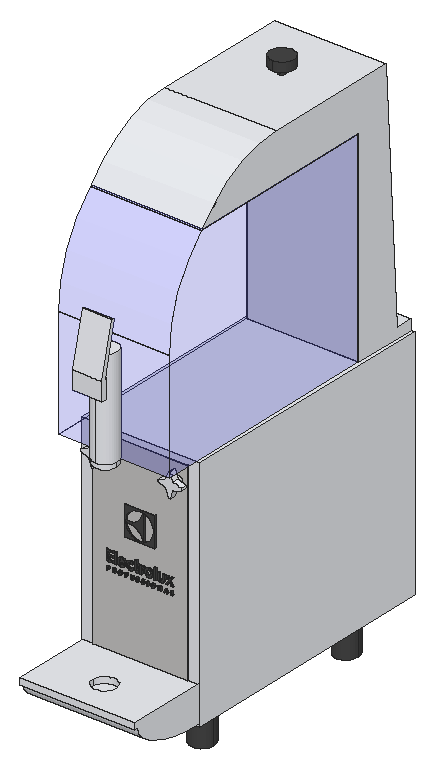
Revit family "QF_ELECTROLUXPROFESSIONAL_562549_IPRO1MUVR290", category Attrezzature speciali, Revit 2020
Family settings
  Quota connettore circolare = Usa diametro
  Tipo di parte = Normale
  Basato su piano di lavoro = No
  Sempre verticale = Sì
  Taglio con vuoti quando caricato = No
  Condiviso = No
  Punto di calcolo locali = No
Parameters (values of type "Standard")
  Weight = 39.00 kg
  Watts = 500 W
  Volts = 220 V
  URL Manufacturer = "https://www.electroluxprofessional.com/"
  URL = "https://www.electroluxprofessional.com/"
  Steam Supply Size = 0 mm
  Steam Supply Minimum Pressure = 0.0 Pa
  Steam Supply Maximum Pressure = 0.0 Pa
  Steam Consumption per Hour = 0
  Show Logo [instance] = yes
  Show Clearance [instance] = yes
  Refrigeration Suction Line Size = 0 mm
  Refrigeration Liquid Line Size = 0 mm
  Refrigerant Compressor Remote = yes
  Prospetto di default = 0 mm
  Produttore = "Electrolux Professional"
  Phase = 1
  Modello = "IPRO1MUVR290"
  Length Actual = 200 mm  # constant formula
  Item Number = "562549"
  Hot Water Size = 0 mm
  Height Actual = 870 mm  # constant formula
  HP = "0.7 HP"
  Gas Size = 0 mm
  Gas KW = 0
  Gas Input Pressure = 0 W
  Direct Waste Size = 0 mm
  Descrizione = "1X11 LT BOWL - FROZEN GRANITA DISPENSER - MECHANICAL CONTROL - 1 INSULATED BOWL - UV LIGHT, R290"
  Depth Actual = 580 mm  # constant formula
  Cycle = 50 Hz
  Condensate Return Size = 0 mm
  Compressed Air Volume = 0.0 L/s
  Compressed Air Size = 0 mm
  Compressed Air Pressure = 0.0 Pa
  Cold Water Size = 0 mm
  Accessory = yes
Reference planes
  plane 1: z = 0
  plane 2 "LEFT": x = -300
  plane 3 "BACK": y = 282.5
  plane 4: z = 876
  plane 5: z = 449
  plane 6: z = 113
  plane 7: z = 903
  plane 8: x = -100.125
  plane 9: y = -305.294
Forms (mm)
  Extrusion 1, solid, material "QF_Finishes_White"
    sketch origin (0, 0, 0) x (1, 0, 0) y (0, 1, 0)
      loop
        line (-300, 282.5) -> (-300, -171.294) -> (-100.125, -171.294) -> (-100.125, 282.5) -> (-300, 282.5)
    from 50 to 449
  Extrusion 2, solid, material "QF_Finishes_Stainless Steel"
    sketch origin (15.789, -8.294, 3) x (1, 0, 0) y (0, 1, 0)
      loop
        line (-135.914, -163) -> (-295.914, -163) -> (-295.914, -163.8) -> (-135.914, -163.8) -> (-135.914, -163)
    from 110 to 436
  Extrusion 3, solid, material "QF_Finishes_Stainless Steel"
    sketch origin (-546.596, -222.273, 48) x (0, -1, 0) y (1, 0, 0)
      loop
        line (-163.023, 407.596) -> (-163.023, 427.596) -> (-183.023, 427.596) -> (-183.023, 407.596) -> (-163.023, 407.596)
    from 0 to 2
Dimensions and locks
  plane 4 to level = 876 mm
  level to plane 7 = 903 mm
  plane 6 to level = 113 mm
  plane 5 to plane 6 = 336 mm
  plane 3 "BACK" to nested 12 = 569.125 mm
  Extrusion 1 to nested 5 = 587.794 mm
  plane 2 "LEFT" to plane 8 = 199.875 mm
  plane 9 to plane 3 "BACK" = 587.794 mm
  aligned and locked: level to plane 1
Nested families
  nested 1: "MANOPOLA BEVERAGE" at (-265, -172.094, 413) x (0, 0, 1) z (0, -1, 0), type "MANOPOLA BEVERAGE"
  nested 2: "MANOPOLA BEVERAGE" at (-135.125, -172.094, 413) x (0, 0, 1) z (0, -1, 0), type "MANOPOLA BEVERAGE"
  nested 3: "MANOPOLA APERTURA BEVERAGE " at (-198.5, 124.79, 876) x (0, 1, 0) z (0, 0, 1), type "MANOPOLA APERTURA BEVERAGE "
  nested 4: "PORTAGRANITE BEVERAGE-taller" at (-200, 28.972, 449), type "PORTAGRANITE BEVERAGE-taller"
  nested 5: "VASCHETTA BEVERAGE" at (-200.063, -171.294, 83) x (1, 0, 0) z (0, -1, 0), type "VASCHETTA BEVERAGE"
  nested 6: "ELXP_LOGO_ONLY_MEDIUM" at (-200.125, -172.094, 319) x (1, 0, 0) z (0, -1, 0), Show Logo <- "Show Logo", visible <- "Show Logo", type "ELXP_LOGO_ONLY_MEDIUM"
    with Show Logo yes
  nested 7: "ELX_LOGO_WORDS_MEDIUM" at (-200, -172.094, 249.611) x (1, 0, 0) z (0, -1, 0), visible <- "Show Logo", Show Logo <- "Show Logo", type "ELX_LOGO_WORDS_MEDIUM"
    with Show Logo yes
  nested 8: "Piedino 50x40 BEVERAGE" at (-271, 174.5, 0), type "Piedino 50x40 BEVERAGE"
    with H 150 mm
  nested 9: "Piedino 50x40 BEVERAGE" at (-271, -130.5, 0), type "Piedino 50x40 BEVERAGE"
    with H 150 mm
  nested 10: "Piedino 50x40 BEVERAGE" at (-129, 174.5, 0), type "Piedino 50x40 BEVERAGE"
    with H 150 mm
  nested 11: "Piedino 50x40 BEVERAGE" at (-129, -130.5, 0), type "Piedino 50x40 BEVERAGE"
    with H 150 mm
  nested 12: "BOCCHETTONE BEVERAGE_large" at (-198.625, -228.664, 567) x (1, 0, 0) z (0, -1, 0), type "BOCCHETTONE BEVERAGE_large"
Connectors
  electrical at (-129, -49.25, 48), driven by "Volts"
    settings: on Extrusion 3, index 73, voltage 220 V, apparent load 0 VA, apparent load phase1 0 VA, apparent load phase2 0 VA, apparent load phase3 0 VA, power factor 1, load classification "Altro", number of poles 1, system type 30, power factor state 1, is connector primary yes, connector utility no, sub classification motor no, connector description "Electrical Connection"
Definition of nested family "MANOPOLA BEVERAGE"
  Parameters (values of type "MANOPOLA BEVERAGE")
    Default Elevation = 1219.2 mm
  Reference planes
    plane 1 "Centro (Fronte/Retro)": y = 0
    plane 2: z = 0
    plane 3 "Centro (Sinistra/Destra)": x = 0
    plane 4: z = 20
  Forms (mm)
    Extrusion 1, solid
      sketch origin (0, 0, 0) x (1, 0, 0) y (0, 1, 0)
        loop
          line (-1219.2, 1219.2) -> (-1219.2, -1219.2) -> (1219.2, -1219.2) -> (1219.2, 1219.2) -> (-1219.2, 1219.2)
      from 0 to -304.8
    Extrusion 2, solid
      sketch origin (0, 0, 10) x (1, 0, 0) y (0, 1, 0)
        loop
          line (-20, -1.333) -> (-6.314, -6.314) -> (-1.333, -20) -> (1.333, -20) -> (6.314, -6.314) -> (20, -1.333) -> (20, 1.333) -> (6.314, 6.314) -> (1.333, 20) -> (-1.333, 20) -> (-6.314, 6.314) -> (-20, 1.333) -> (-20, -1.333)
      from 0 to 10
    Extrusion 3, solid
      sketch origin (0, 0, 0) x (1, 0, 0) y (0, 1, 0)
        loop
          circle (0, 0) r 5
      from 0 to 10
  Dimensions and locks
    aligned and locked: plane 2 to Extrusion 1
    aligned and locked: level to Extrusion 1
Definition of nested family "MANOPOLA APERTURA BEVERAGE "
  Parameters (values of type "MANOPOLA APERTURA BEVERAGE ")
    Default Elevation = 1219.2 mm
  Reference planes
    plane 1 "Centro (Fronte/Retro)": y = 0
    plane 2: z = 0
    plane 3 "Centro (Sinistra/Destra)": x = 0
    plane 4: z = 27
  Forms (mm)
    Extrusion 1, solid
      sketch origin (0, 0, 0) x (1, 0, 0) y (0, 1, 0)
        loop
          line (-1219.2, 1219.2) -> (-1219.2, -1219.2) -> (1219.2, -1219.2) -> (1219.2, 1219.2) -> (-1219.2, 1219.2)
      from 0 to -304.8
    Extrusion 2, solid
      sketch origin (0, 0, 0) x (1, 0, 0) y (0, 1, 0)
        loop
          circle (0, 0) r 5
      from 0 to 12
    Extrusion 3, solid
      sketch origin (0, 0, 12) x (1, 0, 0) y (0, 1, 0)
        loop
          circle (0, 0) r 20
      from 0 to 15
  Dimensions and locks
    Extrusion 1 to plane 4 = 27 mm
    aligned and locked: plane 2 to Extrusion 1
    aligned and locked: level to Extrusion 1
Definition of nested family "PORTAGRANITE BEVERAGE-taller"
  Parameters (values of type "PORTAGRANITE BEVERAGE-taller")
    Default Elevation = 1219.2 mm
  Reference planes
    plane 1 "Centro (Fronte/Retro)": y = 0
    plane 2: z = 0
    plane 3 "Centro (Sinistra/Destra)": x = 0
    plane 4: y = -36.472
    plane 5: z = 340
    plane 6: x = -94
    plane 7: x = 94
    plane 8: y = 253.528
    plane 9: y = -257.636
  Forms (mm)
    Extrusion 1, solid
      sketch origin (0, 0, 0) x (1, 0, 0) y (0, 1, 0)
        loop
          line (-1219.2, 1219.2) -> (-1219.2, -1219.2) -> (1219.2, -1219.2) -> (1219.2, 1219.2) -> (-1219.2, 1219.2)
      from 0 to -304.8
    Extrusion 2, solid
      sketch origin (-94, -28.972, -376) x (0, 1, 0) y (0, 0, 1)
        loop
          line (172.5, 723) -> (172.5, 376) -> (282.5, 376) -> (282.5, 393) -> (251.241, 393) -> (229.754, 803) -> (-2.5, 803)
          arc (-2.5, 803) -> (-89.678, 781.819) -> (-157.419, 723) r 190
          line (-157.419, 723) -> (172.5, 723)
      from 0 to 188
    Extrusion 3, solid
      sketch origin (-101.5, -28.972, -378) x (0, 1, 0) y (0, 0, 1)
        loop
          line (170.5, 378) -> (170.5, 723) -> (-159.213, 723)
          arc (-159.213, 723) -> (-210.545, 650.651) -> (-228.664, 563.812) r 217.164
          line (-228.664, 563.812) -> (-228.664, 378) -> (170.5, 378)
      from 7.5 to 195.5
  Dimensions and locks
    plane 6 to plane 7 = 188 mm
    plane 9 to plane 8 = 511.164 mm
    aligned and locked: plane 2 to Extrusion 1
    aligned and locked: level to Extrusion 1
Definition of nested family "VASCHETTA BEVERAGE"
  Parameters (values of type "VASCHETTA BEVERAGE")
    Default Elevation = 1219.2 mm
  Reference planes
    plane 1 "Centro (Fronte/Retro)": y = 0
    plane 2: z = 0
    plane 3 "Centro (Sinistra/Destra)": x = 0
  Forms (mm)
    Extrusion 1, solid
      sketch origin (0, 0, 0) x (1, 0, 0) y (0, 1, 0)
        loop
          line (-1219.2, 1219.2) -> (-1219.2, -1219.2) -> (1219.2, -1219.2) -> (1219.2, 1219.2) -> (-1219.2, 1219.2)
      from 0 to -304.8
    Extrusion 2, solid
      sketch origin (-97.5, -80, -167.5) x (0, 0, -1) y (0, 1, 0)
        loop
          line (-167.5, 110) -> (-301.5, 110) -> (-301.5, 100) -> (-296.403, 100)
          spline (-296.403, 100) -> (-294.717, 93.399) -> (-290.961, 86.937) -> (-285.195, 80.722) -> (-277.513, 74.853) -> (-268.041, 69.426) -> (-256.932, 64.529) -> (-244.367, 60.243) -> (-230.551, 56.637) -> (-215.709, 53.769) -> (-200.082, 51.686) -> (-183.925, 50.423) -> (-167.5, 50)
          line (-167.5, 50) -> (-167.5, 110)
      from 0 to 195
    Extrusion 3, void
      sketch origin (202.5, -80, -167.5) x (1, 0, 0) y (0, 0, -1)
        loop
          circle (-202.5, -244.664) r 20
      from 100 to 110
  Cuts and joins
    Extrusion 3 cuts Extrusion 2
  Dimensions and locks
    aligned and locked: plane 2 to Extrusion 1
    aligned and locked: level to Extrusion 1
Definition of nested family "ELXP_LOGO_ONLY_MEDIUM"
  Parameters (values of type "ELXP_LOGO_ONLY_MEDIUM")
    Show Logo [instance] = yes
    Default Elevation = 0 mm
  Reference planes
    plane 1 "Centro (Fronte/Retro)": y = 0
    plane 2: z = 0
    plane 3 "Centro (Sinistra/Destra)": x = 0
  Forms (mm)
    Extrusion 1, solid
      sketch origin (0, 0, 0) x (1, 0, 0) y (0, 1, 0)
        loop
          line (-1219.2, 1219.2) -> (-1219.2, -1219.2) -> (1219.2, -1219.2) -> (1219.2, 1219.2) -> (-1219.2, 1219.2)
      from 0 to -304.8
    Extrusion 2, solid, visible <- "Show Logo"
      sketch origin (15.862, -72.798, 0) x (1, 0, 0) y (0, 1, 0)
        loop
          line (-40.901, 47.952) -> (9.138, 47.952) -> (9.138, 97.923) -> (-40.901, 97.923) -> (-40.901, 47.952)
        loop
          line (-9.2, 95.47) -> (-9.2, 50.507)
          arc (-9.2, 50.507) -> (7.421, 72.988) -> (-9.2, 95.47) r 23.515
        loop
          line (-11.486, 92.214) -> (-11.486, 95.47)
          arc (-11.486, 95.47) -> (-30.185, 91.22) -> (-39.194, 74.292) r 23.044
          line (-39.194, 74.292) -> (-31.756, 74.292)
          arc (-31.756, 74.292) -> (-18.467, 79.686) -> (-11.486, 92.214) r 21.599
        loop
          arc (-39.194, 71.685) -> (-30.2, 54.618) -> (-11.486, 49.93) r 23.647
          line (-11.486, 49.93) -> (-11.486, 53.763)
          arc (-11.486, 53.763) -> (-18.467, 66.291) -> (-31.756, 71.685) r 21.599
          line (-31.756, 71.685) -> (-39.194, 71.685)
      from 0 to 1.644
  Dimensions and locks
    aligned and locked: plane 2 to Extrusion 1
    aligned and locked: level to Extrusion 1
Definition of nested family "ELX_LOGO_WORDS_MEDIUM"
  Parameters (values of type "ELX_LOGO_WORDS_MEDIUM")
    Show Logo [instance] = yes
    Default Elevation = 0 mm
  Reference planes
    plane 1 "Centro (Fronte/Retro)": y = 0
    plane 2: z = 0
    plane 3 "Centro (Sinistra/Destra)": x = 0
  Forms (mm)
    Extrusion 1, solid
      sketch origin (0, 0, 0) x (1, 0, 0) y (0, 1, 0)
        loop
          line (-1219.2, 1219.2) -> (-1219.2, -1219.2) -> (1219.2, -1219.2) -> (1219.2, 1219.2) -> (-1219.2, 1219.2)
      from 0 to -304.8
    Extrusion 2, solid, visible <- "Show Logo"
      sketch origin (0, 0, 0) x (1, 0, 0) y (0, 1, 0)
        loop
          line (-45.351, 15.842) -> (-56.505, 15.842) -> (-56.505, 2.853)
          arc (-56.505, 2.853) -> (-55.037, -0.691) -> (-51.493, -2.159) r 5.012
          line (-51.493, -2.159) -> (-45.135, -2.159) -> (-45.135, 0.755) -> (-50.767, 0.755)
          arc (-50.767, 0.755) -> (-52.618, 1.38) -> (-53.406, 3.168) r 2.423
          line (-53.406, 3.168) -> (-53.406, 5.743) -> (-45.833, 5.743) -> (-45.833, 8.668) -> (-53.406, 8.668) -> (-53.406, 12.925) -> (-45.351, 12.925) -> (-45.351, 15.842)
        loop
          line (-42.933, 15.842) -> (-42.933, -2.159) -> (-39.832, -2.159) -> (-39.832, 15.842) -> (-42.933, 15.842)
        loop
          line (24.405, 15.842) -> (24.405, -2.159) -> (27.508, -2.159) -> (27.508, 15.842) -> (24.405, 15.842)
        loop
          line (-34.705, 3.589) -> (-24.531, 3.589)
          arc (-24.531, 3.589) -> (-26.123, 9.178) -> (-31.565, 11.217) r 6.447
          arc (-31.565, 11.217) -> (-36.358, 8.786) -> (-37.726, 3.589) r 6.56
          arc (-37.726, 3.589) -> (-35.926, -0.757) -> (-31.58, -2.557) r 6.146
          arc (-31.58, -2.557) -> (-28.198, -2.058) -> (-25.362, -0.149) r 7.726
          line (-25.362, -0.149) -> (-27.199, 1.688)
          arc (-27.199, 1.688) -> (-29.61, 0.242) -> (-32.411, 0.485) r 4.558
          arc (-32.411, 0.485) -> (-34.119, 1.622) -> (-34.705, 3.589) r 3.019
        loop
          line (-34.628, 5.769) -> (-27.646, 5.769)
          arc (-27.646, 5.769) -> (-28.626, 7.83) -> (-30.779, 8.59) r 2.974
          arc (-30.779, 8.59) -> (-33.263, 7.943) -> (-34.628, 5.769) r 3.481
        loop
          line (-12.445, 7.067) -> (-10.499, 9.013)
          arc (-10.499, 9.013) -> (-12.94, 10.78) -> (-15.907, 11.309) r 6.746
          arc (-15.907, 11.309) -> (-20.432, 9.655) -> (-22.806, 5.463) r 6.977
          arc (-22.806, 5.463) -> (-18.803, -1.885) -> (-10.608, -0.191) r 7.026
          line (-10.608, -0.191) -> (-12.544, 1.745)
          arc (-12.544, 1.745) -> (-16.723, 0.362) -> (-19.717, 3.589) r 4.071
          arc (-19.717, 3.589) -> (-19.509, 6.14) -> (-17.752, 8.002) r 3.867
          arc (-17.752, 8.002) -> (-14.941, 8.431) -> (-12.445, 7.067) r 4.442
        loop
          line (-8.594, 15.842) -> (-8.594, 3.541)
          arc (-8.594, 3.541) -> (-8.326, 1.695) -> (-7.635, -0.038) r 7.951
          arc (-7.635, -0.038) -> (-5.422, -1.797) -> (-2.62, -2.167) r 5.297
          line (-2.62, -2.167) -> (-2.62, 0.738)
          arc (-2.62, 0.738) -> (-3.453, 0.802) -> (-4.23, 1.109) r 2.792
          arc (-4.23, 1.109) -> (-5.227, 2.163) -> (-5.494, 3.589) r 2.57
          line (-5.494, 3.589) -> (-5.494, 8.043) -> (-2.678, 8.043) -> (-2.678, 10.86) -> (-5.494, 10.86) -> (-5.494, 15.842) -> (-8.594, 15.842)
        loop
          arc (3.006, 4.684) -> (3.228, 5.982) -> (3.868, 7.133) r 3.911
          arc (3.868, 7.133) -> (5.725, 8.086) -> (7.812, 8.043) r 4.26
          line (7.812, 8.043) -> (7.812, 11.023)
          arc (7.812, 11.023) -> (5.085, 10.766) -> (3.006, 8.983) r 4.524
          line (3.006, 8.983) -> (3.006, 10.86) -> (-0.069, 10.86) -> (-0.069, -2.159) -> (3.006, -2.159) -> (3.006, 4.684)
        loop
          circle (15.393, 4.348) r 6.899
        loop
          circle (15.393, 4.348) r 4.181
        loop
          arc (38.69, 3.262) -> (37.924, 1.158) -> (35.848, 0.319) r 2.752
          arc (35.848, 0.319) -> (33.771, 1.158) -> (33.005, 3.262) r 2.752
          line (33.005, 3.262) -> (33.005, 10.859) -> (29.879, 10.859) -> (29.879, 3.004)
          arc (29.879, 3.004) -> (31.658, -1.052) -> (35.848, -2.489) r 5.512
          arc (35.848, -2.489) -> (40.084, -1.008) -> (41.815, 3.132) r 5.512
          line (41.815, 3.132) -> (41.815, 10.859) -> (38.69, 10.859) -> (38.69, 3.262)
        loop
          line (43.689, 10.859) -> (48.192, 4.746) -> (43.245, -2.164) -> (46.578, -2.164) -> (49.861, 2.422) -> (53.193, -2.164) -> (56.505, -2.164) -> (51.629, 4.817) -> (56.087, 10.859) -> (52.703, 10.859) -> (49.851, 6.995) -> (47.043, 10.859) -> (43.689, 10.859)
        loop
          line (-53.813, -9.621) -> (-56.285, -9.621) -> (-56.285, -15.847) -> (-54.932, -15.847) -> (-54.932, -13.703) -> (-53.437, -13.703)
          arc (-53.437, -13.703) -> (-51.764, -11.49) -> (-53.813, -9.621) r 2.058
        loop
          arc (-53.496, -12.48) -> (-52.984, -11.679) -> (-53.496, -10.879) r 0.881
          line (-53.496, -10.879) -> (-54.932, -10.879) -> (-54.932, -12.48) -> (-53.496, -12.48)
        loop
          line (-44.045, -9.621) -> (-46.56, -9.621) -> (-46.56, -15.847) -> (-45.207, -15.847) -> (-45.207, -13.703) -> (-43.898, -13.703) -> (-43.003, -15.847) -> (-41.55, -15.847) -> (-42.774, -13.222)
          arc (-42.774, -13.222) -> (-42.188, -12.521) -> (-41.991, -11.628) r 1.922
          arc (-41.991, -11.628) -> (-42.609, -10.206) -> (-44.045, -9.621) r 2.055
        loop
          line (-45.207, -10.879) -> (-45.207, -12.48) -> (-43.771, -12.48)
          arc (-43.771, -12.48) -> (-43.258, -11.679) -> (-43.771, -10.879) r 0.881
          line (-43.771, -10.879) -> (-45.207, -10.879)
        loop
          circle (-33.602, -12.734) r 3.233
        loop
          circle (-33.602, -12.734) r 2.052
        loop
          line (-25.054, -9.622) -> (-25.054, -15.847) -> (-23.734, -15.847) -> (-23.734, -13.671) -> (-21.392, -13.671) -> (-21.392, -12.276) -> (-23.734, -12.276) -> (-23.734, -10.963) -> (-21.167, -10.963) -> (-21.167, -9.622) -> (-25.054, -9.622)
        loop
          line (-15.917, -9.622) -> (-15.917, -13.825)
          arc (-15.917, -13.825) -> (-15.343, -15.249) -> (-13.926, -15.842) r 1.991
          line (-13.926, -15.842) -> (-11.917, -15.842) -> (-11.917, -14.666) -> (-13.806, -14.666)
          arc (-13.806, -14.666) -> (-14.501, -14.091) -> (-14.638, -13.198) r 1.267
          line (-14.638, -13.198) -> (-12.15, -13.198) -> (-12.15, -12.023) -> (-14.638, -12.023) -> (-14.638, -10.797) -> (-11.977, -10.797) -> (-11.977, -9.622) -> (-15.917, -9.622)
        loop
          arc (6.626, -10.41) -> (5.801, -9.733) -> (4.757, -9.518) r 2.228
          arc (4.757, -9.518) -> (3.792, -9.755) -> (2.999, -10.352) r 2.468
          arc (2.999, -10.352) -> (2.853, -11.766) -> (3.765, -12.856) r 1.825
          arc (3.765, -12.856) -> (4.531, -13.112) -> (5.259, -13.464) r 6.301
          arc (5.259, -13.464) -> (5.719, -14.005) -> (5.402, -14.641) r 0.645
          arc (5.402, -14.641) -> (4.814, -14.78) -> (4.228, -14.631) r 1.269
          arc (4.228, -14.631) -> (3.722, -14.266) -> (3.412, -13.725) r 1.474
          line (3.412, -13.725) -> (2.324, -14.233)
          arc (2.324, -14.233) -> (2.716, -14.99) -> (3.348, -15.561) r 2.393
          arc (3.348, -15.561) -> (4.065, -15.867) -> (4.841, -15.945) r 2.579
          arc (4.841, -15.945) -> (5.8, -15.754) -> (6.664, -15.295) r 3.369
          arc (6.664, -15.295) -> (7.045, -14.28) -> (6.848, -13.214) r 2.023
          arc (6.848, -13.214) -> (6.423, -12.723) -> (5.879, -12.368) r 2.346
          arc (5.879, -12.368) -> (5.19, -12.061) -> (4.485, -11.796) r 12.353
          arc (4.485, -11.796) -> (4.077, -11.162) -> (4.666, -10.692) r 0.562
          arc (4.666, -10.692) -> (5.372, -10.862) -> (5.915, -11.344) r 1.497
          line (5.915, -11.344) -> (6.626, -10.41)
        loop
          line (12.337, -9.622) -> (12.337, -15.842) -> (13.616, -15.842) -> (13.616, -9.622) -> (12.337, -9.622)
        loop
          circle (22.24, -12.732) r 1.935
        loop
          circle (22.24, -12.732) r 3.231
        loop
          line (30.821, -15.842) -> (32.114, -15.842) -> (32.114, -11.931) -> (34.96, -15.842) -> (36.203, -15.842) -> (36.203, -9.622) -> (34.911, -9.622) -> (34.911, -13.651) -> (32.065, -9.622) -> (30.821, -9.622) -> (30.821, -15.842)
        loop
          line (42.652, -15.842) -> (43.258, -14.5) -> (45.559, -14.5) -> (46.165, -15.842) -> (47.54, -15.842) -> (44.912, -9.622) -> (43.712, -9.622) -> (41.279, -15.842) -> (42.652, -15.842)
        loop
          line (44.985, -13.224) -> (44.369, -11.857) -> (43.77, -13.224) -> (44.985, -13.224)
        loop
          line (53.893, -14.666) -> (53.893, -9.622) -> (52.614, -9.622) -> (52.614, -15.842) -> (56.285, -15.842) -> (56.285, -14.666) -> (53.893, -14.666)
        loop
          arc (-2.701, -10.41) -> (-3.525, -9.733) -> (-4.57, -9.518) r 2.228
          arc (-4.57, -9.518) -> (-5.534, -9.755) -> (-6.327, -10.352) r 2.468
          arc (-6.327, -10.352) -> (-6.473, -11.766) -> (-5.562, -12.856) r 1.825
          arc (-5.562, -12.856) -> (-4.795, -13.112) -> (-4.067, -13.464) r 6.301
          arc (-4.067, -13.464) -> (-3.608, -14.005) -> (-3.924, -14.641) r 0.645
          arc (-3.924, -14.641) -> (-4.512, -14.78) -> (-5.098, -14.631) r 1.269
          arc (-5.098, -14.631) -> (-5.604, -14.266) -> (-5.914, -13.725) r 1.474
          line (-5.914, -13.725) -> (-7.002, -14.233)
          arc (-7.002, -14.233) -> (-6.61, -14.99) -> (-5.978, -15.561) r 2.393
          arc (-5.978, -15.561) -> (-5.261, -15.867) -> (-4.485, -15.945) r 2.579
          arc (-4.485, -15.945) -> (-3.526, -15.754) -> (-2.663, -15.295) r 3.369
          arc (-2.663, -15.295) -> (-2.281, -14.28) -> (-2.478, -13.214) r 2.023
          arc (-2.478, -13.214) -> (-2.903, -12.723) -> (-3.448, -12.368) r 2.346
          arc (-3.448, -12.368) -> (-4.136, -12.061) -> (-4.842, -11.796) r 12.353
          arc (-4.842, -11.796) -> (-5.249, -11.162) -> (-4.66, -10.692) r 0.562
          arc (-4.66, -10.692) -> (-3.954, -10.862) -> (-3.412, -11.344) r 1.497
          line (-3.412, -11.344) -> (-2.701, -10.41)
      from 0 to 1.644
  Dimensions and locks
    aligned and locked: plane 2 to Extrusion 1
    aligned and locked: level to Extrusion 1
Definition of nested family "Piedino 50x40 BEVERAGE"
  Parameters (values of type "Piedino 50x40 BEVERAGE")
    Default Elevation = 0 mm
    H [instance] = 150 mm
  Reference planes
    plane 1 "Centro (Fronte/Retro)": y = 0
    plane 2: z = 0
    plane 3 "Centro (Sinistra/Destra)": x = 0
  Forms (mm)
    Revolve 1, solid
      sketch origin (55, 0, 0) x (-1, 0, 0) y (0, 0, -1)
        loop
          line (55, 0) -> (35, 0) -> (35, -50) -> (55, -50) -> (55, 0)
        axis (55, 0) -> (55, -50)
      angle from 0 to 360
  Dimensions and locks
    aligned and locked: level to plane 2
Definition of nested family "BOCCHETTONE BEVERAGE_large"
  Parameters (values of type "BOCCHETTONE BEVERAGE_large")
    Default Elevation = 1219.2 mm
  Reference planes
    plane 1 "Centro (Fronte/Retro)": y = 0
    plane 2: z = 0
    plane 3 "Centro (Sinistra/Destra)": x = 0
  Forms (mm)
    Extrusion 1, solid
      sketch origin (0, 0, 0) x (1, 0, 0) y (0, 1, 0)
        loop
          line (-1219.2, 1219.2) -> (-1219.2, -1219.2) -> (1219.2, -1219.2) -> (1219.2, 1219.2) -> (-1219.2, 1219.2)
      from 0 to -304.8
    Extrusion 2, solid
      sketch origin (0, -43, 20) x (0, 0, 1) y (1, 0, 0)
        loop
          circle (0, 0) r 20
      from -66.056 to 100
    Extrusion 3, void
      sketch origin (0, -118, 35.961) x (1, 0, 0) y (0, 0, -1)
        loop
          line (-27.179, -16.141) -> (-21.226, -10.188) -> (-6.226, -10.188) -> (-6.226, 12.684) -> (-27.179, 12.684) -> (-27.179, -16.141)
        loop
          line (27.179, -16.141) -> (27.179, 12.684) -> (6.226, 12.684) -> (6.226, -10.188) -> (21.226, -10.188) -> (27.179, -16.141)
      from 104.337 to 159.894
    Extrusion 4, solid
      sketch origin (25, -88.779, 20) x (0, 0, 1) y (0, 1, 0)
        loop
          line (11.922, 118.779) -> (11.922, 88.779) -> (37.961, 88.779) -> (37.961, 119.393) -> (16.929, 203.749) -> (12.077, 202.539) -> (32.961, 118.779) -> (11.922, 118.779)
      from 0 to 50
    Extrusion 5, solid
      sketch origin (0, -118, 35.961) x (1, 0, 0) y (0, 0, -1)
        loop
          circle (0, 15.97) r 19
      from 0 to 8.944
  Cuts and joins
    Extrusion 3 cuts Extrusion 4
    joined: Extrusion 2, Extrusion 4
  Dimensions and locks
    aligned and locked: plane 2 to Extrusion 1
    aligned and locked: level to Extrusion 1
